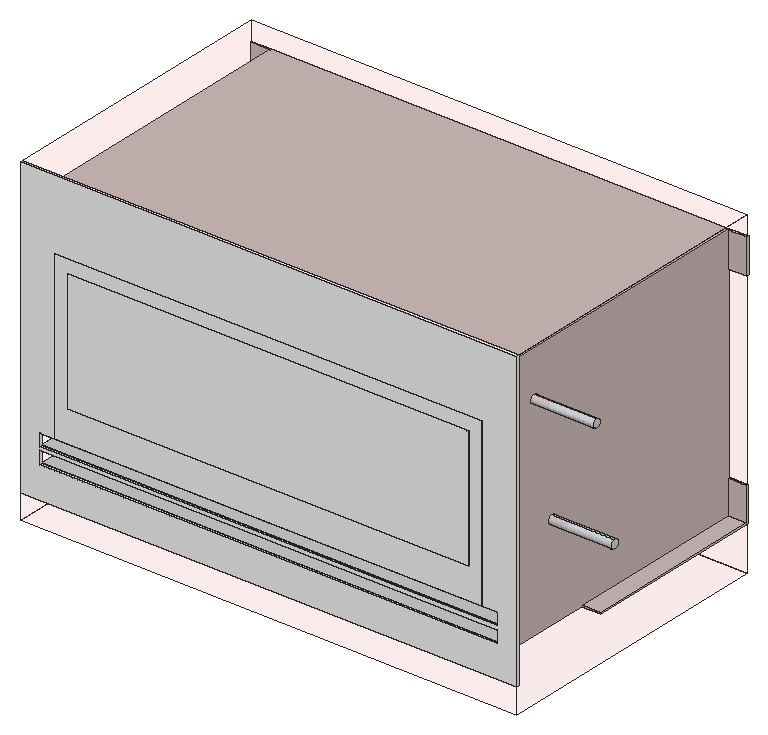
Revit family "Air-Curtain_Customer-Entry_PoweredAire_CLD-CHD-HWST", category Mechanical Equipment, host Face, Revit 2017
Family settings
  Host = Face
  Round Connector Dimension = Use Diameter
  Part Type = Normal
  OmniClass Number = 23.75.35.17.21
  OmniClass Title = Air Curtains
  Cut with Voids When Loaded = No
  Shared = No
  Room Calculation Point = No
Parameters
  upperpiperotation [instance] = if(Upper Pipe Connection Side A, 0.00°, 180.00°)  # 0.00°
  lowerpiperotation [instance] = if(Lower Pipe Connection Side A, 0.00°, 180.00°)  # 0.00°
  locateupperpipe [instance] = if(Upper Pipe Connection Side A, 0' 0", Nozzle Width)  # 0' - 0"
  locatelowerpipe [instance] = if(Lower Pipe Connection Side A, 0' 0", Nozzle Width)  # 0' - 0"
  Warranty Duration (Years) = 0
  Upper Pipe Connection Side A [instance] = yes
  Unit Width Notes = "Other Widths available."  # constant formula
  Unit Width = 3' - 3"
  Unit Weight = 0
  Unit Height = 1' - 10 3/4"
  Unit Depth = 1' - 11 1/4"
  URL = "http://www.poweredaire.com/"
  Test Data = ""
  Standards Conformance = "as Specified"
  Specification = "http://www.arcat.com/sdspecs/htm04/23_34_33pai.htm"
  SpecWizard = ""
  Sound Pressure = "as Specified"
  Sales Information = "http://www.poweredaire.com/contact_us"
  Revision = "R1_2016-08"
  Projection from Host [instance] = 0' - 2"
  Product Properties = ""
  Product Data = "http://www.arcat.com/arcatcos/cos47/arc47623.html"
  Power Rating = 0 W
  Piping_Water Flow [instance] = 0 GPM
  Piping_Operating Pressure [instance] = 0.00 psi
  Piping_Exit Temperature [instance] = 0 °F
  Piping_Entry Temperature [instance] = 0 °F
  Pipe OD [instance] = 5/8"
  Nozzle Width = if(1 = 1, Unit Width - 0' 3", 0' 0")  # 3' - 0"
  Mounting Width = if(1 = 1, Unit Width - 0' 1 1/2", 0' 0")  # 3' - 1 1/2"
  Mounting Height [instance] = 3' - 6"
  Motor RPM = 0
  Motor HP = 0
  Motor Count = 0
  Model = "As Specified"
  Max Height = 0' - 0"
  Manufacturer Website = "http://www.poweredaire.com/"
  Manufacturer Phone - Toll Free = "888-321-2473"
  Manufacturer Phone = "724-588-3305"
  Manufacturer Fax = "724-588-3371"
  Manufacturer Address = "109 Mortensen Rd.  Greenville, PA 16125"
  Manufacturer = "Powered Aire, Inc"
  Maintenance Schedule (Months) = 0
  Lower Pipe Connection Side A [instance] = yes
  Keynote = "23 34 33"
  Installation-Fabrication = ""
  Installation Phase = ""
  Include Clearance [instance] = yes
  Heating Element Load = 0 W
  HVAC_Temperature Rise = 0 °F
  HVAC_Outlet Volume = 0 CFM
  HVAC_Outlet Velocity Uniformity = 0
  HVAC_Outlet Velocity = 0 FPM
  HVAC_BTU Input = 0.0 Btu/h
  Green Building-LEED = "http://www.arcat.com/green/clients/leed_data_47623.html"
  Front Grating Material [instance] = Metal - Steel - PoweredAire - White Perforated
  Frame Finish [instance] = Metal - Steel - PoweredAire - Stainless 304
  Expected Lifespan (Years) = 0
  Electrical_Wattage [instance] = Power Rating + Heating Element Load  # 0 W
  Electrical_Voltage [instance] = 0 V
  Electrical_Phase [instance] = 1
  Electrical_Frequency [instance] = 0 Hz
  Electrical_Amperage [instance] = 0 A
  Drawn By = "Sumex Design, Inc. / Robert S. Weygant, CSI, CDT, SCIP"
  Description = "Powered Aire Air Curtain as Specified"
  Default Elevation = 0' - 0"  # constant formula
  Cover Finish [instance] = Metal - Steel - PoweredAire - White
  Copyright = "©Arcat Inc."
  Construction Details = "http://www.arcat.com/details/powair/prod3336.html"
  Clearance_Top [instance] = 0' - 0"
  Clearance_Side B [instance] = 0' - 0"
  Clearance_Side A [instance] = 0' - 0"
  Clearance_Intake [instance] = 0' - 0"
  Clearance_Front [instance] = 0' - 0"
  Clearance Material [instance] = ARCAT Clearance
  Building Codes = ""
  Available Options [instance] = "as Specified"
  Assembly Code = "D3090400"
Reference planes (in)
  plane 1 "Center (Elevation)": y = 11.51318
  plane 2: z = 0
  plane 3 "Center (Left/Right)": x = 0
  plane 4: y = 22.88818
  plane 5: y = 0.13818
  plane 6: x = -19.5
  plane 7: x = 19.5
  plane 8: z = 25.25
  plane 9 "FF": y = -41.86182
  plane 10: z = 2
  plane 11: x = 18
  plane 12: x = -18
  plane 13: y = 22.88818
  plane 14: y = 0.13818
  plane 15: x = -19.5
  plane 16: x = 19.5
  plane 17: z = 25.25
  plane 18: y = 0.38818
  plane 19: x = 18
  plane 20: x = 18
  plane 21: z = 20.25
  plane 22: z = 11
Forms (in)
  Extrusion 1, solid, material "ARCAT Clearance" <- "Clearance Material", visible <- "Include Clearance"
    sketch origin (0, 0, 0) x (0, 1, 0) y (0, 0, 1)
      loop
        line (0.13818, 25.25) -> (0.13818, 0) -> (22.88818, 0) -> (22.88818, 25.25) -> (0.13818, 25.25)
    from -19.5 to 19.5
  Extrusion 2, solid, material "Metal - Steel - PoweredAire - White" <- "Cover Finish"
    sketch origin (0, 11.51318, 0) x (1, 0, 0) y (0, 0, 1)
      loop
        line (-19.5, 25.25) -> (-19.5, 2) -> (19.5, 2) -> (19.5, 25.25) -> (-19.5, 25.25)
    from 11.125 to 11.375
  Extrusion 3, solid, material "Metal - Steel - PoweredAire - Stainless 304" <- "Frame Finish"
    sketch origin (0, 11.51318, 0) x (1, 0, 0) y (0, 0, 1)
      loop
        line (18, 23.75) -> (-18, 23.75) -> (-18, 3.5) -> (18, 3.5) -> (18, 23.75)
    from -11.375 to 11.125
  Extrusion 4, void
    sketch origin (0, 0, 0) x (0, 1, 0) y (0, 0, 1)
      loop
        line (0.13818, 5.5) -> (0.13818, 4.5) -> (1.88818, 4.5) -> (1.88818, 6.75) -> (0.13818, 6.75) -> (0.13818, 5.75) -> (1.63818, 5.75) -> (1.63818, 5.5) -> (0.13818, 5.5)
    from -18 to 18
  Extrusion 5, solid, material "Metal - Steel - PoweredAire - White" <- "Cover Finish"
    sketch origin (-11.83813, 0.13818, 48) x (-1, 0, 0) y (0, 0, 1)
      loop
        line (4.91187, -41.25) -> (4.91187, -28.25) -> (-28.58813, -28.25) -> (-28.58813, -41.25) -> (4.91187, -41.25)
    from 0 to -0.03125
  Extrusion 6, solid, material "Metal - Steel - PoweredAire - White Perforated" <- "Front Grating Material"
    sketch origin (-11.83813, 0.10693, 48) x (1, 0, 0) y (0, 0, 1)
      loop
        line (-3.91187, -29.25) -> (-3.91187, -38.75) -> (27.58813, -38.75) -> (27.58813, -29.25) -> (-3.91187, -29.25)
    from 0 to 0.03125
  Extrusion 7, solid, material "Metal - Steel - PoweredAire - Stainless 304" <- "Frame Finish"
    sketch origin (-15.17702, -180, 2) x (-1, 0, 0) y (0, -1, 0)
      loop
        line (-33.17702, -202.88818) -> (-33.17702, -188.38818) -> (-34.67702, -188.38818) -> (-34.67702, -202.88818) -> (-33.17702, -202.88818)
      loop
        line (2.82298, -202.88818) -> (4.32298, -202.88818) -> (4.32298, -188.38818) -> (2.82298, -188.38818) -> (2.82298, -202.88818)
    from 1.5 to 1.625
  Extrusion 8, solid, material "Metal - Steel - PoweredAire - Stainless 304" <- "Frame Finish"
    sketch origin (-11.83813, 22.88818, 48) x (-1, 0, 0) y (0, 0, 1)
      loop
        line (7.66187, -44.5) -> (7.66187, -41.75) -> (6.16187, -41.75) -> (6.16187, -44.5) -> (7.66187, -44.5)
      loop
        line (-31.33813, -44.5) -> (-29.83813, -44.5) -> (-29.83813, -41.75) -> (-31.33813, -41.75) -> (-31.33813, -44.5)
      loop
        line (7.66187, -27) -> (7.66187, -24.25) -> (6.16187, -24.25) -> (6.16187, -27) -> (7.66187, -27)
      loop
        line (-31.33813, -27) -> (-29.83813, -27) -> (-29.83813, -24.25) -> (-31.33813, -24.25) -> (-31.33813, -27)
    from 0 to -0.125
  Sweep 9, solid
    path origin (18, 11.51318, 20.25) x (1, 0, 0) y (0, 0, 1)
      loop
        line (0, 0) -> (5, 0)
    profile origin (20.5, 11.51318, 20.25) x (0, 0, 1) y (0, -1, 0)
      loop
        circle (0, 7.875) r 0.3125
  Sweep 10, solid
    path origin (18, 11.51318, 11) x (1, 0, 0) y (0, 0, 1)
      loop
        line (0, 0) -> (5, 0)
    profile origin (20.5, 11.51318, 11) x (0, 0, 1) y (0, -1, 0)
      loop
        circle (0, 6.125) r 0.3125
Cuts and joins
  Extrusion 4 cuts Extrusion 1
  Extrusion 4 cuts Extrusion 2
  Extrusion 4 cuts Extrusion 3
Lines and regions (in)
  reference lines
    curve 1: line (18, 11.51318, 20.25) -> (25.75, 11.51318, 20.25)
    curve 2: line (18, 11.51318, 11) -> (26.25, 11.51318, 11)
Dimensions and locks (in)
  equal spacing: plane 4, plane 1 "Center (Elevation)", plane 5
  "Unit Height": plane 4 to plane 5
  equal spacing: plane 6, plane 3 "Center (Left/Right)", plane 7
  "Unit Width": plane 6 to plane 7
  "Mounting Height": plane 5 to plane 9 "FF"
  "Projection from Host": plane 10 to level
  "Unit Depth": plane 8 to plane 10
  locked: plane 6 to plane 12 at 1.5
  locked: plane 11 to plane 7 at 1.5
  "Clearance_Side A": plane 7 to plane 16
  "Clearance_Side B": plane 15 to plane 6
  "Clearance_Top": plane 13 to plane 4
  "Clearance_Intake": plane 5 to plane 14
  "Clearance_Front": plane 17 to plane 8
  locked: plane 8 to Extrusion 3 sketch curve at 1.5
  locked: Extrusion 3 sketch curve to plane 10 at 1.5
  locked: plane 7 to Extrusion 3 sketch curve at 1.5
  locked: Extrusion 3 sketch curve to plane 6 at 1.5
  locked: plane 18 to plane 5 at 0.25
  Extrusion 4 sketch curve to Extrusion 4 sketch curve to Extrusion 4 sketch curve to Extrusion 4 sketch curve to plane 10 = 0' - 1" locked, 0' - 0 1/4" locked, 0' - 1" locked, 0' - 2 1/2" locked
  Extrusion 5 sketch curve to Extrusion 5 sketch curve to plane 10 = 1' - 1" locked, 0' - 4 3/4" locked
  locked: plane 11 to Extrusion 5 sketch curve at 1.25
  locked: Extrusion 5 sketch curve to plane 12 at 1.25
  Extrusion 6 sketch curve to Extrusion 6 sketch curve to plane 10 = 0' - 9 1/2" locked, 0' - 7 1/4" locked
  locked: Extrusion 6 sketch curve to plane 12 at 2.25
  locked: plane 11 to Extrusion 6 sketch curve at 2.25
  locked: plane 4 to Extrusion 7 sketch curve at 14.5  (x2)
  Extrusion 8 sketch curve to Extrusion 8 sketch curve to Extrusion 8 sketch curve to Extrusion 8 sketch curve to plane 10 = 0' - 2 3/4" locked, 1' - 2 3/4" locked, 0' - 2 3/4" locked, 0' - 1 1/2" locked  (x2)
  "locatelowerpipe": plane 19 to plane 11
  "locateupperpipe": plane 20 to plane 11
  locked: plane 8 to plane 21 at 5
  locked: plane 22 to plane 10 at 9
  locked: curve 1 to Sweep 9 sketch curve at 5
  locked: curve 1 to Sweep 9 sketch curve
  locked: curve 2 to Sweep 10 sketch curve at 5
  locked: curve 2 to Sweep 10 sketch curve
  locked: plane 5 to Sweep 9 sketch curve at 3.5
  locked: plane 5 to Sweep 10 sketch curve at 5.25
  "lowerpiperotation": angle plane 21 to curve 1
  "upperpiperotation": angle plane 22 to curve 2
  aligned and locked: plane 2 to host face
  aligned and locked: level to host face
  aligned and locked: Extrusion 1 sketch curve to plane 17
  aligned and locked: plane 14 to Extrusion 1 sketch curve
  aligned and locked: level to Extrusion 1 sketch curve
  aligned and locked: Extrusion 1 sketch curve to plane 13
  aligned and locked: plane 16 to Extrusion 1
  aligned and locked: Extrusion 1 to plane 15
  aligned and locked: Extrusion 2 sketch curve to plane 8
  aligned and locked: plane 6 to Extrusion 2 sketch curve
  aligned and locked: Extrusion 2 sketch curve to plane 10
  aligned and locked: Extrusion 2 sketch curve to plane 7
  aligned and locked: Extrusion 3 to plane 4
  aligned and locked: Extrusion 3 to plane 18
  aligned and locked: Extrusion 2 to plane 18
  aligned and locked: Extrusion 2 to plane 5
  aligned and locked: plane 11 to Extrusion 4
  aligned and locked: Extrusion 4 to plane 12
  aligned and locked: Extrusion 7 sketch curve to plane 4  (x2)
  aligned and locked: plane 20 to curve 2
  aligned and locked: plane 22 to curve 2
  aligned and locked: plane 19 to curve 1
  aligned and locked: plane 21 to curve 1
Automatic sketch dimensions
  host sketch curve to host sketch curve = 8' - 0"  (x2)
  Extrusion 4 sketch curve to plane 5 = 0' - 0"  (x2)
  plane 18 to Extrusion 4 sketch curve = 0' - 1 1/4"
  Extrusion 4 sketch curve to Extrusion 4 sketch curve = 0' - 0 1/4"
  Extrusion 7 sketch curve to plane 7 = 0' - 0"
  Extrusion 7 sketch curve to plane 11 = 0' - 0"
  Extrusion 7 sketch curve to plane 12 = 0' - 0"
  Extrusion 7 sketch curve to plane 6 = 0' - 0"
  Extrusion 8 sketch curve to plane 7 = 0' - 0"  (x2)
  Extrusion 8 sketch curve to plane 11 = 0' - 0"  (x2)
  Extrusion 8 sketch curve to plane 12 = 0' - 0"  (x2)
  Extrusion 8 sketch curve to plane 6 = 0' - 0"  (x2)
  profile plane to Sweep 9 sketch curve = 0' - 0"
  profile plane to Sweep 10 sketch curve = 0' - 0"
  radius of Sweep 9 sketch curve = 0' - 0 5/16"
  radius of Sweep 10 sketch curve = 0' - 0 5/16"
Connectors (in)
  electrical at (-18, 6.38818, 9.625), driven by "Electrical_Voltage", driven by "Electrical_Phase"
    settings: on cut or joined group of Extrusion 3, Extrusion 4, index 1, voltage 0 V, apparent load 0 VA, apparent load phase1 0 VA, apparent load phase2 0 VA, apparent load phase3 0 VA, power factor 1, load classification "Other", number of poles 1, system type 31, power factor state 1, is connector primary yes, connector utility no, sub classification motor no, connector description ""
  piping at (23, 3.63818, 20.25), diameter 0.625, driven by "Pipe OD"
    settings: on Sweep 9, index 2, connector inside diameter 24", connector length 0' - 0", flow factor 0, pipe flow 0 GPM, pressure drop 0.00 psi, fitting loss kfactor 0, connector angle 0.00°, fixture units 0, engagement length 0' - 0", angle of deflection 0.00°, flow configuration 0, flow direction 0, fitting loss method 0, system type 29, joint type 0, gender type 0, connector reference index -1, connector utility 0, adjustable connector no, is connector primary no, connector description "Define Supply or Return and Location"
  piping at (23, 5.38818, 11), diameter 0.625, driven by "Pipe OD"
    settings: on Sweep 10, index 3, connector inside diameter 24", connector length 0' - 0", flow factor 0, pipe flow 0 GPM, pressure drop 0.00 psi, fitting loss kfactor 0, connector angle 0.00°, fixture units 0, engagement length 0' - 0", angle of deflection 0.00°, flow configuration 0, flow direction 0, fitting loss method 0, system type 29, joint type 0, gender type 0, connector reference index -1, connector utility 0, adjustable connector no, is connector primary yes, connector description "Define Supply or Return and Location"
